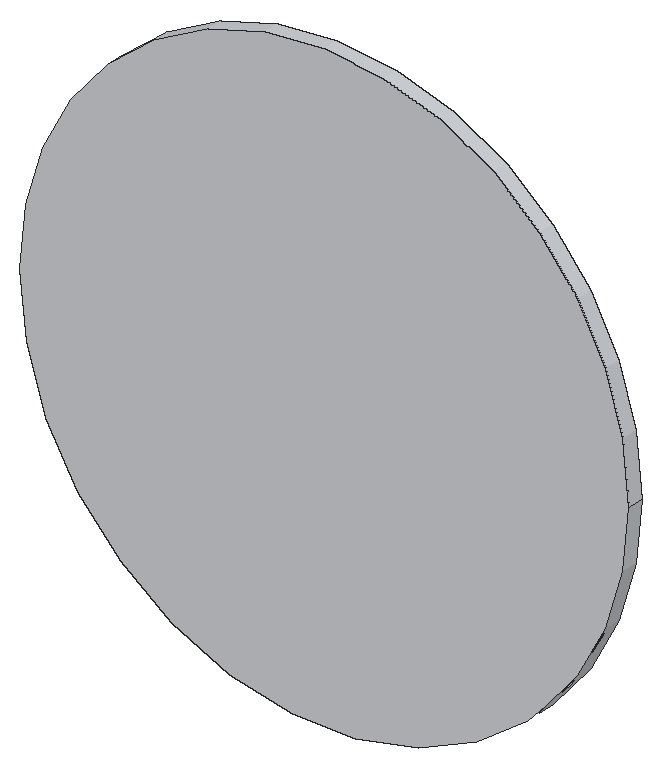
Revit family
Parameters
  Sign Thickness = 2 mm
  Sign Radius = 37.5 mm
  Height = 1500 mm
Reference planes
  plane 1 "Center (Front/Back)": y = -198
  plane 2: z = 0
  plane 3 "Center (Left/Right)": x = 0
  plane 4: z = 1500
  plane 5: y = -196
Forms (mm)
  Extrusion 1, solid
    sketch origin (0, -198, 0) x (1, 0, 0) y (0, 0, 1)
      loop
        circle (0, 1500) r 37.5
    from 0 to -2
Lines and regions (mm)
  model lines, style "Signage"
    curve 1: arc (-16.395, -198, 1524.918) -> (-10.821, -198, 1519.344) -> (-5.247, -198, 1524.918) r 5.574
    curve 2: arc (-5.247, -198, 1524.918) -> (-10.821, -198, 1530.492) -> (-16.395, -198, 1524.918) r 5.574
    curve 3: line (-14.046, -198, 1520.371) -> (-14.046, -198, 1518.836)
    curve 4: line (-14.046, -198, 1518.836) -> (-17.805, -198, 1518.836)
    curve 5: line (-17.805, -198, 1518.836) -> (-25.324, -198, 1498.264)
    curve 6: line (-25.324, -198, 1498.264) -> (-21.367, -198, 1498.264)
    curve 7: line (-21.367, -198, 1498.264) -> (-17.409, -198, 1508.154)
    curve 8: line (-17.409, -198, 1508.154) -> (-16.42, -198, 1508.154)
    curve 9: line (-16.42, -198, 1508.154) -> (-16.42, -198, 1504.198)
    curve 10: line (-16.42, -198, 1504.198) -> (-22.286, -198, 1489.254)
    curve 11: line (-22.286, -198, 1489.254) -> (-16.149, -198, 1489.254)
    curve 12: line (-16.149, -198, 1489.254) -> (-13.676, -198, 1475.737)
    curve 13: line (-7.966, -198, 1475.737) -> (-13.676, -198, 1475.737)
    curve 14: line (-1.607, -198, 1475.737) -> (-1.607, -198, 1489.254)
    curve 15: line (-1.607, -198, 1494.989) -> (-1.607, -198, 1501.593)
    curve 16: line (5.301, -198, 1496.268) -> (5.301, -198, 1475.737)
    curve 17: line (5.301, -198, 1475.737) -> (-1.607, -198, 1475.737)
    curve 18: line (13.963, -198, 1475.737) -> (6.315, -198, 1496.268)
    curve 19: line (20.111, -198, 1475.737) -> (13.963, -198, 1475.737)
    curve 20: line (11.864, -198, 1501.064) -> (20.111, -198, 1475.737)
    curve 21: line (11.864, -198, 1509.007) -> (11.864, -198, 1501.064)
    curve 22: line (16.212, -198, 1495.818) -> (11.864, -198, 1509.007)
    curve 23: line (21.011, -198, 1495.818) -> (16.212, -198, 1495.818)
    curve 24: line (13.513, -198, 1518.898) -> (21.011, -198, 1495.818)
    curve 25: line (8.565, -198, 1518.898) -> (13.513, -198, 1518.898)
    curve 26: line (8.565, -198, 1522.023) -> (8.565, -198, 1518.898)
    curve 27: arc (0.273, -198, 1525.989) -> (5.368, -198, 1520.895) -> (10.462, -198, 1525.989) r 5.094
    curve 28: arc (10.462, -198, 1525.989) -> (5.368, -198, 1531.084) -> (0.273, -198, 1525.989) r 5.094
    curve 29: line (2.171, -198, 1522.023) -> (2.171, -198, 1518.898)
    curve 30: line (2.171, -198, 1518.898) -> (-2.778, -198, 1518.898)
    curve 31: line (-2.778, -198, 1518.898) -> (-3.287, -198, 1517.33)
    curve 32: line (-7.596, -198, 1520.371) -> (-7.596, -198, 1518.836)
    curve 33: line (-7.596, -198, 1518.836) -> (-3.837, -198, 1518.836)
    curve 34: line (-3.837, -198, 1518.836) -> (3.682, -198, 1498.264)
    curve 35: line (3.682, -198, 1498.264) -> (-0.275, -198, 1498.264)
    curve 36: line (-0.275, -198, 1498.264) -> (-4.233, -198, 1508.154)
    curve 37: line (-4.233, -198, 1508.154) -> (-5.222, -198, 1508.154)
    curve 38: line (-5.222, -198, 1508.154) -> (-5.222, -198, 1504.198)
    curve 39: line (-5.222, -198, 1504.198) -> (0.644, -198, 1489.254)
    curve 40: line (0.644, -198, 1489.254) -> (-5.493, -198, 1489.254)
    curve 41: line (-5.493, -198, 1489.254) -> (-7.966, -198, 1475.737)
  symbolic lines, style "2D Signage Placement Lines"
    curve 42: line (-150, -196, 0) -> (150, -196, 0)
    curve 43: line (0, -196, 0) -> (0, -346, 0)
Dimensions and locks
  "Height": plane 4 to level
  "Sign Thickness": plane 1 "Center (Front/Back)" to plane 5
  "Sign Radius": radius of Extrusion 1 sketch curve
  aligned and locked: Extrusion 1 to plane 5
  aligned and locked: plane 1 "Center (Front/Back)" to Extrusion 1
Automatic sketch dimensions
  Extrusion 1 sketch curve to plane 3 "Center (Left/Right)" = 0 mm
  Extrusion 1 sketch curve to plane 4 = 0 mm
  curve 1 to plane 3 "Center (Left/Right)" = 16.395 mm
  curve 1 to curve 3 = 2.349 mm
  curve 3 to curve 1 = 4.547 mm
  curve 3 to curve 3 = 1.536 mm
  curve 4 to curve 3 = 3.759 mm
  curve 5 to curve 4 = 7.519 mm
  curve 5 to curve 6 = 3.957 mm
  plane 4 to curve 7 = 1.736 mm
  curve 6 to curve 7 = 3.957 mm
  curve 7 to curve 8 = 0.989 mm
  curve 9 to curve 8 = 3.956 mm
  plane 4 to curve 10 = 10.746 mm
  curve 10 to curve 6 = 0.919 mm
  curve 10 to plane 4 = 4.198 mm
  curve 10 to curve 11 = 6.137 mm
  curve 12 to plane 3 "Center (Left/Right)" = 13.676 mm
  curve 12 to curve 11 = 13.517 mm
  curve 12 to curve 13 = 5.709 mm
  curve 14 to plane 3 "Center (Left/Right)" = 1.607 mm
  curve 14 to curve 13 = 0 mm
  plane 4 to curve 14 = 10.746 mm
  curve 15 to plane 3 "Center (Left/Right)" = 1.607 mm
  plane 4 to curve 15 = 5.011 mm
  curve 15 to plane 4 = 1.593 mm
  plane 3 "Center (Left/Right)" to curve 16 = 5.301 mm
  plane 4 to curve 16 = 3.732 mm
  curve 16 to curve 18 = 1.014 mm
  curve 16 to curve 18 = 8.662 mm
  curve 18 to curve 16 = 0 mm  (x2)
  curve 18 to curve 19 = 6.148 mm
  curve 20 to plane 4 = 1.064 mm
  curve 20 to curve 21 = 7.943 mm
  curve 20 to curve 22 = 4.349 mm
  curve 22 to curve 23 = 4.799 mm
  plane 4 to curve 23 = 4.182 mm
  curve 21 to curve 24 = 1.65 mm
  curve 21 to curve 24 = 9.891 mm
  curve 25 to curve 24 = 4.949 mm
  curve 25 to curve 26 = 3.125 mm
  plane 3 "Center (Left/Right)" to curve 27 = 0.273 mm
  curve 27 to curve 26 = 3.197 mm
  curve 1 to curve 27 = 1.071 mm
  plane 3 "Center (Left/Right)" to curve 29 = 2.171 mm
  curve 29 to curve 25 = 0 mm
  curve 29 to curve 29 = 3.125 mm
  curve 30 to plane 3 "Center (Left/Right)" = 2.778 mm
  curve 31 to curve 30 = 0.509 mm
  curve 31 to curve 30 = 1.567 mm
  curve 33 to curve 31 = 4.31 mm
  curve 40 to curve 14 = 3.885 mm
  curve 37 to plane 3 "Center (Left/Right)" = 5.222 mm
  curve 37 to curve 36 = 0.989 mm
  curve 34 to curve 30 = 1.059 mm
  curve 35 to plane 3 "Center (Left/Right)" = 0.275 mm
  plane 3 "Center (Left/Right)" to curve 39 = 0.644 mm
  curve 35 to curve 16 = 1.62 mm
  plane 4 to curve 34 = 1.736 mm
  curve 42 to plane 5 = 0 mm
  curve 43 to plane 3 "Center (Left/Right)" = 0 mm
  curve 42 to plane 3 "Center (Left/Right)" = 150 mm
  plane 3 "Center (Left/Right)" to curve 42 = 150 mm
  plane 1 "Center (Front/Back)" to curve 43 = 148 mm
